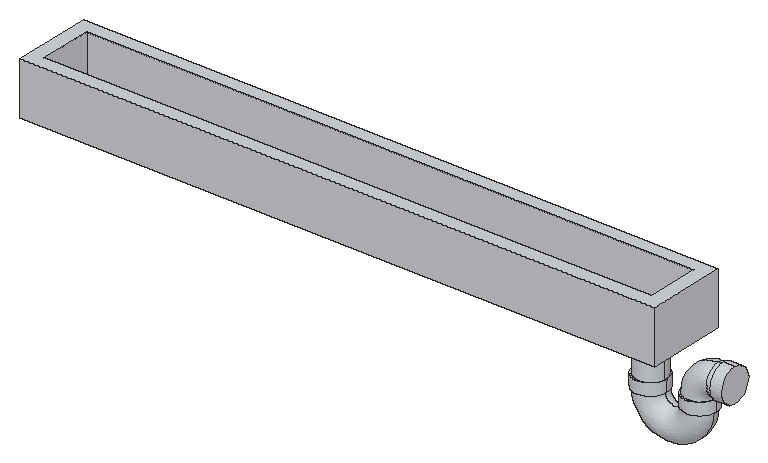
Revit family "TRENCH-DRAIN-01", category Generic Models, Revit 2018
Family settings
  Can host rebar = No
  Round Connector Dimension = Use Diameter
  Part Type = Normal
  Work Plane-Based = No
  Always vertical = Yes
  Cut with Voids When Loaded = No
  Shared = No
  Room Calculation Point = No
Reference planes (in)
  plane 1 "Center (Front/Back)": y = 0
  plane 2: z = 0
  plane 3 "Center (Left/Right)": x = 0
  plane 4: x = 48
  plane 5: x = -48
  plane 6: y = 6
  plane 7: y = -6
  plane 8: y = 4
  plane 9: y = -4
  plane 10: x = -46
  plane 11: x = 46
  plane 12: x = 38.84421
  plane 13: x = 42.59421
Forms (in)
  Extrusion 1, solid
    sketch origin (0, 0, 0) x (1, 0, 0) y (0, 1, 0)
      loop
        line (-48, 6) -> (-48, -6) -> (48, -6) -> (48, 6) -> (-48, 6)
    from -8 to 0
  Extrusion 2, void
    sketch origin (0, 0, 0) x (1, 0, 0) y (0, 1, 0)
      loop
        line (-46, 4) -> (-46, -4) -> (46, -4) -> (46, 4) -> (-46, 4)
    from -6 to 2.5065
  Extrusion 3, solid
    sketch origin (0, 0, 0) x (1, 0, 0) y (0, 1, 0)
      loop
        circle (42.59421, 0) r 2.25
    from -15.17308 to -5.94473
Cuts and joins
  Extrusion 2 cuts Extrusion 1
Dimensions and locks (in)
  aligned and locked: plane 2 to level
Nested families (in)
  nested 1: "Trap P - PVC - Sch 40 - DWV" at (42.59421, 0, -10.61058) x (0, 0, -1) z (0, -1, 0), type "Standard"
    with Wall Thickness 1/4", Tick Size 1.8", Socket Outside Radius 2.51", Socket Outside Diameter 5.02", Socket Entrance Diameter 4.52", Socket Depth 1 3/4", Outlet Height Label 10 9/16", Outlet Height 10 9/16", Nominal Radius 2", Nominal Diameter 4", Length 3 2 13/16", Length 2 2 13/16", Length 1 11 1/16", Length 12 13/16", Inlet Height 7 3/4", Height 2 8 5/16", Height 1 3 3/4", Fitting Outside Radius 2 1/4", Fitting Outside Diameter 4 1/2"
Connectors (in)
  piping at (55.40671, 0, -10.61058), diameter 4
    settings: on nested 1, index 1, connector inside diameter 24", connector length 0' - 0", flow factor 0, pipe flow 0 GPM, pressure drop 0.00 psi, fitting loss kfactor 0, connector angle 0.00°, fixture units 0, engagement length 0' - 0", angle of deflection 0.00°, flow configuration 0, flow direction 0, fitting loss method 0, system type 16, joint type 0, gender type 0, connector reference index -1, connector utility 0, adjustable connector yes, is connector primary yes, connector description ""
Definition of nested family "Trap P - PVC - Sch 40 - DWV"
  Parameters (values of type "Standard")
    Wall Thickness [instance] = size_lookup(Lookup Table Name, "WThk", 0.02 * Nominal Diameter + 33/256", Nominal Diameter)  # 0.156"
    Tick Size [instance] = Fitting Outside Diameter * 0.4  # 0.76"
    Socket Outside Radius [instance] = Socket Outside Diameter / 2  # 1.1135"
    Socket Outside Diameter [instance] = Socket Entrance Diameter + Wall Thickness * 2  # 2.227"
    Socket Entrance Diameter [instance] = size_lookup(Lookup Table Name, "SED", 1.04 * Nominal Diameter + 95/256", Nominal Diameter)  # 1.915"
    Socket Depth [instance] = size_lookup(Lookup Table Name, "SDpt", 0.5 * Nominal Diameter, Nominal Diameter)  # 0.687"
    Outlet Height Label [instance] = if(Length 2 > Fitting Outside Radius + 1/32", Outlet Height, Length 3 + Socket Depth + Height 1 + Fitting Outside Radius)  # 4.8875"
    Outlet Height [instance] = Height 2 + Fitting Outside Radius  # 4.8875"
    Nominal Radius [instance] = 3/4"
    Nominal Diameter [instance] = Nominal Radius * 2  # 1 1/2"
    Loss Method = (empty or 0)
    Lookup Table Name = "Trap P - PVC - Sch 40 - DWV"
    Length 3 [instance] = if(Length 2 > Fitting Outside Radius + 1/32", Length 2, Fitting Outside Radius + 1/32")  # 1.7505"
    Length 2 [instance] = Height 2 - Height 1 - Socket Depth  # 1.7505"
    Length 1 [instance] = size_lookup(Lookup Table Name, "Lgt1", 2.47 * Nominal Diameter + 1 97/256", Nominal Diameter)  # 4 5/8"
    Length [instance] = Length 1 + Socket Depth  # 5.312"
    Inlet Height [instance] = Height 1 + Socket Depth + Fitting Outside Radius  # 3.137"
    Height 2 [instance] = size_lookup(Lookup Table Name, "Hgt2", 1.78 * Nominal Diameter + 1 45/128", Nominal Diameter)  # 3 15/16"
    Height 1 [instance] = size_lookup(Lookup Table Name, "Hgt1", 0.88 * Nominal Diameter + 45/128", Nominal Diameter)  # 1 1/2"
    Fitting Outside Radius [instance] = Fitting Outside Diameter / 2  # 0.95"
    Fitting Outside Diameter [instance] = size_lookup(Lookup Table Name, "FOD", 1.04 * Nominal Diameter + 23/64", Nominal Diameter)  # 1.9"
  Reference planes (in)
    plane 1 "Center (Front/Back)": y = 0
    plane 2: z = 0
    plane 3 "Center (Left/Right)": x = 0
    plane 4: x = 4.8875
    plane 5: x = 1.7505
    plane 6: x = 2.4375
    plane 7: y = 1.5
    plane 8: y = 5.312
    plane 9: y = 4.625
    plane 10: y = -0.76
    plane 11: y = 0.76
    plane 12: x = -0.76
    plane 13: x = 0.76
    plane 14: y = 3
    plane 15: y = 4.7505
  Forms (in)
    Sweep 1, solid, detail levels fine
      path in 3D
        loop
          line (1.7505, 0, 0) -> (2.4375, 0, 0)
      profile origin (2.094, 0, 0) x (0, 1, 0) y (0, 0, 1)
        loop
          circle (0, 0) r 1.1135
    Sweep 2, solid, detail levels fine
      path in 3D
        loop
          line (1.7505, 3, 0) -> (2.4375, 3, 0)
      profile origin (2.094, 3, 0) x (0, 1, 0) y (0, 0, 1)
        loop
          circle (0, 0) r 1.1135
    Sweep 3, solid, detail levels fine
      path in 3D
        loop
          line (0, 5.312, 0) -> (0, 4.7505, 0)
          arc (0, 4.7505, 0) -> (0.51271, 3.51271, 0) -> (1.7505, 3, 0) r 1.7505
          line (1.7505, 3, 0) -> (2.4375, 3, 0)
          arc (2.4375, 3, 0) -> (3.9375, 1.5, 0) -> (2.4375, 0, 0) r 1.5
      profile origin (0, 5.03125, 0) x (1, 0, 0) y (0, 0, 1)
        loop
          circle (0, 0) r 0.95
    Sweep 4, solid, detail levels fine
      path in 3D
        loop
          line (0, 5.312, 0) -> (0, 4.625, 0)
      profile origin (0, 4.9685, 0) x (1, 0, 0) y (0, 0, 1)
        loop
          circle (0, 0) r 1.1135
  Cuts and joins
    joined: Sweep 1, Sweep 2, Sweep 3, Sweep 4
  Lines and regions (in)
    model lines, detail levels coarse+medium
      curve 1: line (1.7505, 0, 0) -> (2.4375, 0, 0)
      curve 2: line (1.7505, 0.76, 0) -> (1.7505, -0.76, 0)
      curve 3: line (-0.76, 5.312, 0) -> (0.76, 5.312, 0)
      curve 5: arc (2.4375, 0, 0) -> (3.9375, 1.5, 0) -> (2.4375, 3, 0) r 1.5
      curve 6: arc (0, 4.7505, 0) -> (0.51271, 3.51271, 0) -> (1.7505, 3, 0) r 1.7505
      curve 7: line (1.7505, 3, 0) -> (2.4375, 3, 0)
      curve 10: line (0, 5.312, 0) -> (0, 4.7505, 0)
    sketch lines
      curve 4: line (1.7505, 0, 0) -> (2.4375, 0, 0)
      curve 9: line (1.7505, 3, 0) -> (2.4375, 3, 0)
      curve 11: line (0, 5.312, 0) -> (0, 4.7505, 0)
      curve 12: arc (0, 4.7505, 0) -> (0.51271, 3.51271, 0) -> (1.7505, 3, 0) r 1.7505
      curve 13: line (1.7505, 3, 0) -> (2.4375, 3, 0)
      curve 14: arc (2.4375, 0, 0) -> (3.9375, 1.5, 0) -> (2.4375, 3, 0) r 1.5
      curve 15: line (0, 5.312, 0) -> (0, 4.625, 0)
    reference lines
      curve 8: line (0, 5.312, 0) -> (0, 4.625, 0)
  Dimensions and locks (in)
    "Outlet Height Label": plane 3 "Center (Left/Right)" to plane 4
    "Inlet Height": plane 5 to plane 4
    "Socket Depth": plane 5 to plane 6
    "Height 1": plane 7 to plane 1 "Center (Front/Back)"
    "Length": plane 8 to plane 1 "Center (Front/Back)"
    "Socket Depth": plane 8 to plane 9
    equal spacing: plane 10, plane 1 "Center (Front/Back)", plane 11
    "Tick Size": plane 1 "Center (Front/Back)" to plane 11
    equal spacing: plane 12, plane 3 "Center (Left/Right)", plane 13
    "Tick Size": plane 12 to plane 3 "Center (Left/Right)"
    "Height 1": plane 14 to plane 7
    "Length 3": plane 15 to plane 14
    "Socket Outside Radius": radius of Sweep 1 sketch curve
    "Height 1": radius of curve 5
    "Length 3": radius of curve 6
    "Socket Outside Radius": radius of Sweep 2 sketch curve
    "Fitting Outside Radius": radius of Sweep 3 sketch curve
    "Socket Outside Radius": radius of Sweep 4 sketch curve
    locked: curve 5 to curve 5 (angle 180.00°)
    locked: curve 6 to curve 6 (angle 90.00°)
    aligned and locked: plane 5 to curve 1
    aligned and locked: plane 1 "Center (Front/Back)" to curve 1
    aligned and locked: plane 11 to curve 2
    aligned and locked: plane 10 to curve 2
    aligned and locked: curve 2 to plane 5
    aligned and locked: plane 12 to curve 3
    aligned and locked: plane 13 to curve 3
    aligned and locked: curve 3 to plane 8
    aligned and locked: plane 7 to curve 5
    aligned and locked: plane 6 to curve 5
    aligned and locked: plane 5 to curve 7
    aligned and locked: plane 6 to curve 7
    aligned and locked: plane 9 to curve 8
    aligned and locked: plane 8 to curve 8
    aligned and locked: curve 8 to plane 3 "Center (Left/Right)"
    aligned and locked: plane 15 to curve 10
    aligned and locked: plane 8 to curve 10
    aligned and locked: curve 10 to plane 3 "Center (Left/Right)"
    aligned and locked: plane 5 to curve 6
  Automatic sketch dimensions
    Sweep 1 sketch curve to profile plane = 0' - 0"  (x2)
    Sweep 2 sketch curve to profile plane = 0' - 0"  (x2)
    profile plane to Sweep 3 sketch curve = 0' - 0"
    Sweep 3 sketch curve to profile plane = 0' - 0"
    profile plane to Sweep 4 sketch curve = 0' - 0"
    Sweep 4 sketch curve to profile plane = 0' - 0"
  Connectors (in)
    piping at (1.7505, 0, 0), diameter 1.5, driven by "Nominal Radius"
      settings: on cut or joined group of Sweep 1, Sweep 2, Sweep 3, Sweep 4, index 1, connector inside diameter 1 1/2", connector length 0' - 0", flow factor 0, pipe flow 0 GPM, pressure drop 0.00 psi, fitting loss kfactor 0, connector angle 0.00°, fixture units 0, engagement length 0' - 0", angle of deflection 0.00°, flow configuration 0, flow direction 0, fitting loss method 0, system type 28, joint type 0, gender type 0, connector reference index 2, connector utility 0, adjustable connector no, is connector primary yes, connector description ""
    piping at (0, 5.312, 0), diameter 1.5, driven by "Nominal Radius"
      settings: on cut or joined group of Sweep 1, Sweep 2, Sweep 3, Sweep 4, index 2, connector inside diameter 1 1/2", connector length 0' - 0", flow factor 0, pipe flow 0 GPM, pressure drop 0.00 psi, fitting loss kfactor 0, connector angle 0.00°, fixture units 0, engagement length 0' - 0", angle of deflection 0.00°, flow configuration 0, flow direction 0, fitting loss method 0, system type 28, joint type 0, gender type 0, connector reference index 1, connector utility 0, adjustable connector yes, is connector primary no, connector description ""
